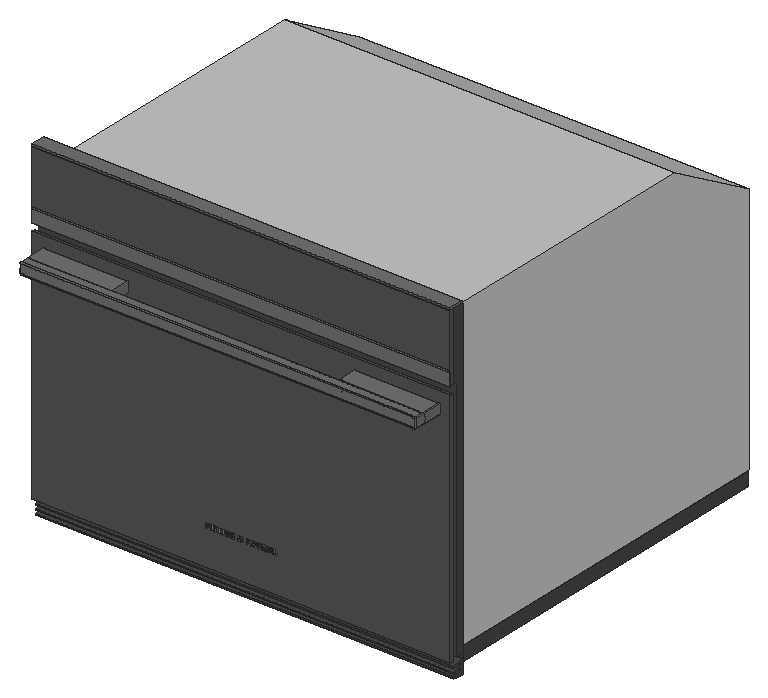
Revit family "FP_Revit_18_OS60NDBB1_w_TK480NDB1_Steam_Oven_w_60cm_Trimkit_90000818A", category Specialty Equipment, Revit 2018
Family settings
  Round Connector Dimension = Use Diameter
  Part Type = Normal
  OmniClass Number = 23.40.40.14.17.31
  OmniClass Title = Small Specialized Cooking Equipment
  Work Plane-Based = No
  Always vertical = Yes
  Cut with Voids When Loaded = Yes
  Shared = No
  Room Calculation Point = No
Parameters (values of type "OS60NDBB1 + TK480NDB1")
  Visibility - Clearance Required = yes
  URL = "www.fisherpaykel.com"
  Product - Width = 596 mm  # constant formula
  Product - Height = 478 mm  # constant formula
  Product - Depth = 614 mm  # constant formula
  Model = "OS60NDBB1 + TK480NDB1"
  Material - Trim = Fisher & Paykel - Aluminium, Dark
  Material - Structure = Fisher & Paykel - Black
  Material - Handle = Fisher & Paykel - Aluminium, Dark
  Material - Glass = Fisher & Paykel - Glass, Black
  Material - Body = Fisher & Paykel - Grey
  Manufacturer = "Fisher & Paykel Appliances"
  FFL Offset [instance] = 900 mm
  Description = "60cm Steam Oven + 60cm Trimkit"
  Connector Description - Electrical = "220-240 V, 50 Hz, 14.5 A"
  Chassis - Width = 560 mm  # constant formula
  Chassis - Height = 466 mm  # constant formula
  Chassis - Depth = 542 mm  # constant formula
  Cavity - Width = 560 mm  # constant formula
  Cavity - Height = 480 mm  # constant formula
  Cavity - Depth = 560 mm  # constant formula
Reference planes
  plane 1 "Datum": y = 0
  plane 2: z = 0
  plane 3 "Center (Left/Right)": x = 0
  plane 4: z = 1380
  plane 5: z = 1378
  plane 6 "Product LHS": x = -298
  plane 7 "Product RHS": x = 298
  plane 8 "Product - Depth": y = 0
  plane 9 "Cavity LHS": x = -300
  plane 10 "Cavity RHS": x = 300
  plane 11 "Cavity - Depth": y = 560
  plane 12 "Chassis - Height": z = 0
  plane 13 "Product Depth": y = 542
  plane 14 "FFL Offset": z = 900
  plane 15 "Front": y = -22
Forms (mm)
  Extrusion 1, void
    sketch origin (0, 0, 0) x (0, 1, 0) y (0, 0, 1)
      loop
        line (-22, 1380) -> (-22, 900) -> (0, 900) -> (0, 1380) -> (-22, 1380)
    from -300 to 300
  Extrusion 2, void
    sketch origin (0, 0, 0) x (0, 1, 0) y (0, 0, 1)
      loop
        line (560, 1380) -> (0, 1380) -> (0, 900) -> (560, 900) -> (560, 1380)
    from -280 to 280
Text (mm)
  text "Due to ongoing product development, product details are subject to change without notice. \nPlease always refer to www.fisherpaykel.com for the most current product information. \n© Fisher & Paykel 2020" at (41.04, -413.295, 0), in view "Ref. Level (Plan)"
Dimensions and locks
  equal spacing: plane 6 "Product LHS", plane 3 "Center (Left/Right)", plane 7 "Product RHS"
  "Product - Width": plane 6 "Product LHS" to plane 7 "Product RHS"
  equal spacing: plane 9 "Cavity LHS", plane 3 "Center (Left/Right)", plane 10 "Cavity RHS"
  locked: plane 9 "Cavity LHS" to plane 10 "Cavity RHS" at 600
  "Chassis - Depth": plane 1 "Datum" to plane 13 "Product Depth"
  "FFL Offset": plane 14 "FFL Offset" to level
  "Cavity - Depth": plane 1 "Datum" to plane 11 "Cavity - Depth"
  "Product - Height": plane 5 to plane 14 "FFL Offset"
  "Cavity - Height": plane 4 to plane 14 "FFL Offset"
  "Cavity - Width": Extrusion 2 to Extrusion 2
  aligned and locked: level to plane 2
  aligned and locked: nested 2 to plane 8 "Product - Depth"
  aligned and locked: Extrusion 1 sketch curve to plane 8 "Product - Depth"
  aligned and locked: plane 14 "FFL Offset" to Extrusion 1 sketch curve
  aligned and locked: Extrusion 1 sketch curve to plane 4
  aligned and locked: Extrusion 1 to plane 10 "Cavity RHS"
  aligned and locked: plane 9 "Cavity LHS" to Extrusion 1
  aligned and locked: Extrusion 2 sketch curve to plane 8 "Product - Depth"
  aligned and locked: Extrusion 2 sketch curve to plane 14 "FFL Offset"
  aligned and locked: plane 11 "Cavity - Depth" to Extrusion 2 sketch curve
  aligned and locked: Extrusion 2 sketch curve to nested 2
  aligned and locked: nested 1 to plane 8 "Product - Depth"
  aligned and locked: Extrusion 1 to nested 1
Automatic sketch dimensions
  Extrusion 1 sketch curve to Extrusion 1 sketch curve = 22 mm
Nested families
  nested 1: "FP_Revit_18_OS60NDBB1_Steam_Oven_90000818A" at (0, 0, 20), FFL Offset <- "FFL Offset", type "OS60NDBB1"
    with FFL Offset 900 mm
  nested 2: "FP_Revit_18_TK480ND_Trimkits_90001188A" at (0, 0, 0), FFL Offset <- "FFL Offset", type "TK480NDB1"
    with FFL Offset 900 mm
Connectors
  electrical at (-193.854, 548.619, 959.454), driven by "Connector Description - Electrical"
    settings: on nested 1, index 1, voltage 230 V, apparent load 0 VA, apparent load phase1 0 VA, apparent load phase2 0 VA, apparent load phase3 0 VA, power factor 1, load classification "Other", number of poles 1, system type 30, power factor state 1, is connector primary yes, connector utility no, sub classification motor no, connector description "220-240 V, 50 Hz, 14.5 A"
Definition of nested family "FP_Revit_18_OS60NDBB1_Steam_Oven_90000818A"
  Parameters (values of type "OS60NDBB1")
    Visibility - Clearance Required = yes
    URL = "www.fisherpaykel.com"
    Product - Width = 596 mm  # constant formula
    Product - Height = 458 mm  # constant formula
    Product - Depth = 562 mm  # constant formula
    Model = "OS60NDBB1"
    Material - Trim = none
    Material - Structure = none
    Material - Handle = none
    Material - Glass = none
    Material - Body = none
    Manufacturer = "Fisher & Paykel Appliances"
    FFL Offset [instance] = 900 mm
    Description = "60cm Steam Oven"
    Connector Description - Electrical = "220-240 V, 50 Hz, 14.5 A"
    Chassis - Width = 556 mm  # constant formula
    Chassis - Height = 446 mm  # constant formula
    Chassis - Depth = 540 mm  # constant formula
    Cavity - Width = 600 mm  # constant formula
    Cavity - Height = 460 mm  # constant formula
    Cavity - Depth = 560 mm  # constant formula
  Types (4, lengths in mm): name | Model | Description
    OS60NDB1 | "OS60NDB1" | "60cm Steam Oven"
    OM60NDB1 | "OM60NDB1" | "60cm Microwave Oven"
    OM60NDBB1 | "OM60NDBB1" | "60cm Microwave Oven"
    OS60NDBB1 | "OS60NDBB1" | "60cm Steam Oven"
  Reference planes
    plane 1 "Center (Front/Back)": y = 0
    plane 2: z = 0
    plane 3 "Center (Left/Right)": x = 0
    plane 4: z = 1360
    plane 5: z = 1358
    plane 6 "Product LHS": x = -298
    plane 7 "Product RHS": x = 298
    plane 8 "Product - Depth": y = 0
    plane 9 "Cavity LHS": x = -300
    plane 10 "Cavity RHS": x = 300
    plane 11 "Cavity - Depth": y = 560
    plane 12 "Front Face": y = -22
    plane 13 "Chassis - Height": z = 0
    plane 14 "Product Depth": y = 540
    plane 15 "FFL Offset": z = 900
  Forms (mm)
    Extrusion 1, solid, material <- "Material - Body"
      sketch origin (0, 0, 0) x (0, 1, 0) y (0, 0, 1)
        loop
          line (0, 1346) -> (0, 907.28) -> (5.16, 907.28) -> (5.16, 900) -> (534.187, 900) -> (534.187, 1257.991) -> (403.295, 1336.64) -> (24.316, 1336.64) -> (8.71, 1346) -> (0, 1346)
      from -278 to 278
    Extrusion 2, solid, material <- "Material - Structure", detail levels fine
      sketch origin (0, 0, 0) x (0, 1, 0) y (0, 0, 1)
        loop
          line (0, 1353.9) -> (-2, 1353.9) -> (-2, 1355) -> (-18, 1355) -> (-18, 1258) -> (-9.89, 1258) -> (-9.89, 907.28) -> (0, 907.28) -> (0, 1353.9)
      from -298 to 298
    Extrusion 3, solid, material <- "Material - Trim", detail levels fine
      sketch origin (0, 0, 0) x (0, 1, 0) y (0, 0, 1)
        loop
          line (-22, 1358) -> (-22, 1355) -> (-2, 1355) -> (-2, 1358) -> (-22, 1358)
      from -298 to 298
    Extrusion 4, solid, material <- "Material - Glass", detail levels fine
      sketch origin (0, 0, 0) x (0, 1, 0) y (0, 0, 1)
        loop
          line (-18, 1355) -> (-20.262, 1355)
          arc (-20.262, 1355) -> (-21.236, 1354.682) -> (-22, 1354) r 2.5
          line (-22, 1354) -> (-22, 1258) -> (-18, 1258) -> (-18, 1355)
      from -298 to 298
    Extrusion 5, solid, material <- "Material - Glass", detail levels fine
      sketch origin (0, 0, 0) x (0, 1, 0) y (0, 0, 1)
        loop
          line (-22, 1246.53) -> (-22, 904.53) -> (-18, 904.53) -> (-18, 1246.53) -> (-22, 1246.53)
      from -298 to 298
    Extrusion 6, solid, material <- "Material - Structure", detail levels fine
      sketch origin (0, 0, 0) x (0, 1, 0) y (0, 0, 1)
        loop
          line (-18, 1229.33) -> (-18, 907.28) -> (-9.89, 907.28) -> (-9.89, 1229.33) -> (-18, 1229.33)
      from -278 to 278
    Extrusion 7, void
      sketch origin (0, 0, 0) x (1, 0, 0) y (0, 0, 1)
        loop
          line (-158.462, 1052.91) -> (-229.24, 1052.91)
          arc (-229.24, 1052.91) -> (-232.776, 1051.446) -> (-234.24, 1047.91) r 5
          line (-234.24, 1047.91) -> (-234.24, 955.13)
          arc (-234.24, 955.13) -> (-232.776, 951.594) -> (-229.24, 950.13) r 5
          line (-229.24, 950.13) -> (-158.462, 950.13)
          arc (-158.462, 950.13) -> (-154.926, 951.594) -> (-153.462, 955.13) r 5
          line (-153.462, 955.13) -> (-153.462, 1047.91)
          arc (-153.462, 1047.91) -> (-154.926, 1051.446) -> (-158.462, 1052.91) r 5
      from -539.6 to -521.6
    Sweep 8, void
      path in 3D
        loop
          arc (-153.462, 521.6, 955.13) -> (-154.926, 521.6, 951.594) -> (-158.462, 521.6, 950.13) r 5
          line (-158.462, 521.6, 950.13) -> (-229.24, 521.6, 950.13)
          arc (-229.24, 521.6, 950.13) -> (-232.776, 521.6, 951.594) -> (-234.24, 521.6, 955.13) r 5
          line (-234.24, 521.6, 955.13) -> (-234.24, 521.6, 1047.91)
          arc (-234.24, 521.6, 1047.91) -> (-232.776, 521.6, 1051.446) -> (-229.24, 521.6, 1052.91) r 5
          line (-229.24, 521.6, 1052.91) -> (-158.462, 521.6, 1052.91)
          arc (-158.462, 521.6, 1052.91) -> (-154.926, 521.6, 1051.446) -> (-153.462, 521.6, 1047.91) r 5
          line (-153.462, 521.6, 1047.91) -> (-153.462, 521.6, 955.13)
      profile origin (-153.462, 521.6, 1001.52) x (-1, 0, 0) y (0, -1, 0)
        loop
          line (0, 0) -> (-21.3, -12.587) -> (0, -12.587) -> (0, 0)
    Extrusion 9, solid, material <- "Material - Body", detail levels medium+fine
      sketch origin (0, 0, -100) x (1, 0, 0) y (0, 0, 1)
        loop
          line (-175.354, 1115.273) -> (-212.354, 1115.273) -> (-212.354, 1057.273) -> (-175.354, 1057.273) -> (-175.354, 1115.273)
      from -540 to -521.6
    Extrusion 10, solid, material <- "Material - Trim", detail levels fine
      sketch origin (0, 0, 0) x (0, 1, 0) y (0, 0, 1)
        loop
          line (-22, 1258) -> (-22, 1277.8) -> (-22.8, 1277.8) -> (-23.7, 1275.5) -> (-23.7, 1258) -> (-22, 1258)
      from -298 to 298
    Extrusion 11, solid, visible <- "Visibility - Clearance Required", detail levels coarse
      sketch origin (0, 0, 0) x (1, 0, 0) y (0, 1, 0)
        loop
          line (-280, 0) -> (280, 0) -> (280, 548.619) -> (-280, 548.619) -> (-280, 0)
      from 900 to 1360
    Extrusion 12, solid, visible <- "Visibility - Clearance Required", detail levels coarse
      sketch origin (0, 0, 0) x (0, 1, 0) y (0, 0, 1)
        loop
          arc (-22, 1246.53) -> (-241.159, 1161.206) -> (-341.563, 948.532) r 317.644
          line (-341.563, 948.532) -> (-326.406, 946.445) -> (-332.106, 905.048) -> (-316.871, 902.951) -> (-311.171, 944.347) -> (-22, 904.53) -> (-22, 900) -> (0, 900) -> (0, 1360) -> (-22, 1360) -> (-22, 1246.53)
      from -300 to 300
    Sweep 13, solid, material <- "Material - Body", detail levels fine
      path origin (0, 0, -100) x (0, 1, 0) y (0, 0, 1)
        loop
          arc (530.8, 1057.273) -> (536.019, 1044.673) -> (548.619, 1039.454) r 17.819
      profile origin (0, 536.019, 944.673) x (0, 0.707107, 0.707107) y (1, 0, 0)
        loop
          circle (0, -193.854) r 5
    Extrusion 14, solid, material <- "Material - Glass", detail levels coarse+medium
      sketch origin (0, 0, 0) x (0, 1, 0) y (0, 0, 1)
        loop
          line (-22, 1358) -> (-22, 1258) -> (-9.89, 1258) -> (-9.89, 1229.33) -> (-18, 1229.33) -> (-18, 1246.53) -> (-22, 1246.53) -> (-22, 904.53) -> (-18, 904.53) -> (-18, 907.28) -> (0, 907.28) -> (0, 1353.9) -> (-2, 1353.9) -> (-2, 1358) -> (-22, 1358)
      from -298 to 298
    Extrusion 15, solid, material <- "Material - Body", not visible, detail levels medium+fine
      sketch origin (0, 0, 0) x (1, 0, 0) y (0, 0, 1)
        loop
          line (-175.354, 1115.273) -> (-212.354, 1115.273) -> (-212.354, 1057.273) -> (-175.354, 1057.273) -> (-175.354, 1115.273)
      from -540 to -521.6
    Sweep 16, solid, material <- "Material - Body", not visible, detail levels fine
      path origin (0, 0, 0) x (0, 1, 0) y (0, 0, 1)
        loop
          arc (530.8, 1057.273) -> (536.019, 1044.673) -> (548.619, 1039.454) r 17.819
      profile origin (0, 536.019, 1044.673) x (0, 0.707107, 0.707107) y (1, 0, 0)
        loop
          circle (0, -193.854) r 5
    Extrusion 17, void
      sketch origin (0, 0, 0) x (1, 0, 0) y (0, 1, 0)
        loop
          line (-280, 0) -> (280, 0) -> (280, 548.619) -> (-280, 548.619) -> (-280, 0)
      from 900 to 1360
    Extrusion 18, solid, visible <- "Visibility - Clearance Required", detail levels coarse
      sketch origin (0, 0, 0) x (0, 1, 0) y (0, 0, 1)
        loop
          arc (-22, 1246.53) -> (-241.159, 1161.206) -> (-341.563, 948.532) r 317.644
          line (-341.563, 948.532) -> (-326.406, 946.445) -> (-332.106, 905.048) -> (-316.871, 902.951) -> (-311.171, 944.347) -> (-22, 904.53) -> (-22, 900) -> (0, 900) -> (0, 1360) -> (-22, 1360) -> (-22, 1246.53)
      from -300 to 300
    Extrusion 19, void
      sketch origin (0, 0, 0) x (0, 1, 0) y (0, 0, 1)
        loop
          line (-22, 1360) -> (-22, 900) -> (0, 900) -> (0, 1360) -> (-22, 1360)
      from -300 to 300
  Cuts and joins
    Extrusion 7, Sweep 8 cuts Extrusion 1
    Extrusion 7 cuts Extrusion 2
    Extrusion 7 cuts Extrusion 5
    Extrusion 7 cuts Extrusion 6
  Lines and regions (mm)
    sketch lines
      curve 1: line (-153.462, 521.6, 1047.91) -> (-153.462, 521.6, 955.13)
      curve 2: arc (-153.462, 521.6, 1047.91) -> (-154.926, 521.6, 1051.446) -> (-158.462, 521.6, 1052.91) r 5
      curve 3: line (-229.24, 521.6, 1052.91) -> (-158.462, 521.6, 1052.91)
      curve 4: arc (-229.24, 521.6, 1052.91) -> (-232.776, 521.6, 1051.446) -> (-234.24, 521.6, 1047.91) r 5
      curve 5: line (-234.24, 521.6, 955.13) -> (-234.24, 521.6, 1047.91)
      curve 6: arc (-234.24, 521.6, 955.13) -> (-232.776, 521.6, 951.594) -> (-229.24, 521.6, 950.13) r 5
      curve 7: arc (-158.462, 521.6, 950.13) -> (-154.926, 521.6, 951.594) -> (-153.462, 521.6, 955.13) r 5
      curve 8: line (-158.462, 521.6, 950.13) -> (-229.24, 521.6, 950.13)
  Text (mm)
    text "Due to ongoing product development, product details are subject to change without notice. \nPlease always refer to www.fisherpaykel.com for the most current product information. \n© Fisher & Paykel 2020" at (41.04, -413.295, 0), in view "Ref. Level (Plan)"
  Dimensions and locks
    equal spacing: plane 6 "Product LHS", plane 3 "Center (Left/Right)", plane 7 "Product RHS"
    "Product - Width": plane 6 "Product LHS" to plane 7 "Product RHS"
    equal spacing: plane 9 "Cavity LHS", plane 3 "Center (Left/Right)", plane 10 "Cavity RHS"
    "Cavity - Width": plane 9 "Cavity LHS" to plane 10 "Cavity RHS"
    "Cavity - Depth": plane 11 "Cavity - Depth" to plane 1 "Center (Front/Back)"
    locked: plane 12 "Front Face" to plane 1 "Center (Front/Back)" at 22
    "Chassis - Depth": plane 1 "Center (Front/Back)" to plane 14 "Product Depth"
    Extrusion 1 sketch curve to plane 14 "Product Depth" = 5.813 mm
    equal spacing: cut or joined group of Extrusion 1, Extrusion 7, Sweep 8, plane 3 "Center (Left/Right)", cut or joined group of Extrusion 1, Extrusion 7, Sweep 8
    "Chassis - Width": cut or joined group of Extrusion 1, Extrusion 7, Sweep 8 to cut or joined group of Extrusion 1, Extrusion 7, Sweep 8
    "FFL Offset": plane 15 "FFL Offset" to level
    locked: nested 2 to plane 15 "FFL Offset" at 61.04
    locked: cut or joined group of Extrusion 1, Extrusion 7, Sweep 8 to plane 15 "FFL Offset" at 7.28
    locked: Extrusion 14 to plane 15 "FFL Offset" at 4.53
    locked: cut or joined group of Extrusion 1, Extrusion 7, Sweep 8 to plane 15 "FFL Offset" at 436.64
    "Chassis - Height": cut or joined group of Extrusion 1, Extrusion 7, Sweep 8 to plane 15 "FFL Offset"
    Extrusion 11 to plane 15 "FFL Offset" = 460 mm
    locked: plane 15 "FFL Offset" to Extrusion 9 at 57.273
    locked: plane 15 "FFL Offset" to cut or joined group of Extrusion 1, Extrusion 7, Sweep 8 at 50.13
    "Product - Height": plane 5 to plane 15 "FFL Offset"
    "Cavity - Height": plane 4 to plane 15 "FFL Offset"
    locked: nested 1 to plane 15 "FFL Offset" at 330.978
    locked: plane 5 to Extrusion 14 at 100
    locked: plane 5 to Extrusion 14 at 111.47
    locked: Extrusion 12 sketch curve to plane 15 "FFL Offset" at 4.53
    locked: plane 15 "FFL Offset" to Extrusion 7 sketch curve at 152.91
    locked: plane 15 "FFL Offset" to Extrusion 7 sketch curve at 50.13
    aligned and locked: level to plane 2
    aligned and locked: Extrusion 3 sketch curve to plane 5
    aligned and locked: plane 6 "Product LHS" to Extrusion 5
    aligned and locked: Extrusion 5 to plane 7 "Product RHS"
    aligned and locked: Extrusion 4 to plane 7 "Product RHS"
    aligned and locked: plane 6 "Product LHS" to Extrusion 4
    aligned and locked: plane 6 "Product LHS" to Extrusion 3
    aligned and locked: Extrusion 3 to plane 7 "Product RHS"
    aligned and locked: plane 6 "Product LHS" to Extrusion 2
    aligned and locked: Extrusion 2 to plane 7 "Product RHS"
    aligned and locked: plane 14 "Product Depth" to Extrusion 9
    aligned and locked: cut or joined group of Extrusion 1, Extrusion 7, Sweep 8 to Extrusion 9
    aligned and locked: Extrusion 10 to plane 7 "Product RHS"
    aligned and locked: plane 6 "Product LHS" to Extrusion 10
    aligned and locked: Extrusion 14 to plane 7 "Product RHS"
    aligned and locked: plane 6 "Product LHS" to Extrusion 14
    aligned and locked: Extrusion 1 to plane 15 "FFL Offset"
    aligned and locked: Extrusion 11 to cut or joined group of Extrusion 1, Extrusion 7, Sweep 8
    aligned and locked: Extrusion 14 to cut or joined group of Extrusion 1, Extrusion 7, Sweep 8
    aligned and locked: Extrusion 2 to cut or joined group of Extrusion 1, Extrusion 7, Sweep 8
    aligned and locked: Extrusion 6 to cut or joined group of Extrusion 1, Extrusion 7, Sweep 8
    aligned and locked: plane 5 to Extrusion 3
    aligned and locked: plane 5 to Extrusion 14
    aligned and locked: Extrusion 10 to Extrusion 4
    aligned and locked: Extrusion 14 to Extrusion 4
    aligned and locked: Extrusion 4 to cut or joined group of Extrusion 2, Extrusion 7
    aligned and locked: Extrusion 5 to Extrusion 14  (x2)
    aligned and locked: plane 4 to Extrusion 11
    aligned and locked: Extrusion 11 to Sweep 13
    aligned and locked: Extrusion 12 sketch curve to plane 15 "FFL Offset"
    aligned and locked: Extrusion 12 sketch curve to plane 4
    aligned and locked: plane 4 to Extrusion 17
    aligned and locked: Extrusion 17 to cut or joined group of Extrusion 1, Extrusion 7, Sweep 8
    aligned and locked: plane 15 "FFL Offset" to Extrusion 19 sketch curve
    aligned and locked: Extrusion 19 sketch curve to plane 4
  Automatic sketch dimensions
    Extrusion 9 sketch curve to Extrusion 9 sketch curve = 37 mm
    Extrusion 9 sketch curve to Extrusion 9 sketch curve = 58 mm
    Sweep 13 sketch curve to profile plane = 0 mm
    Sweep 13 sketch curve to Sweep 13 sketch curve = 17.819 mm
    Sweep 13 sketch curve to profile plane = 193.854 mm
    Extrusion 15 sketch curve to Extrusion 15 sketch curve = 37 mm
    Extrusion 15 sketch curve to Extrusion 15 sketch curve = 58 mm
    Sweep 16 sketch curve to profile plane = 0 mm
    Sweep 16 sketch curve to Sweep 16 sketch curve = 17.819 mm
    Sweep 16 sketch curve to profile plane = 193.854 mm
    Extrusion 1 sketch curve to plane 1 "Center (Front/Back)" = 0 mm
    Extrusion 1 sketch curve to plane 15 "FFL Offset" = 0 mm
    Extrusion 1 sketch curve to plane 1 "Center (Front/Back)" = 5.16 mm
    Extrusion 1 sketch curve to Extrusion 1 sketch curve = 8.71 mm
    Extrusion 1 sketch curve to Extrusion 1 sketch curve = 15.606 mm
    Extrusion 1 sketch curve to plane 5 = 21.36 mm
    Extrusion 1 sketch curve to plane 14 "Product Depth" = 136.705 mm
    Extrusion 1 sketch curve to Extrusion 1 sketch curve = 7.28 mm
    Extrusion 1 sketch curve to plane 5 = 100.009 mm
    Extrusion 1 sketch curve to plane 5 = 12 mm
    Extrusion 2 sketch curve to plane 1 "Center (Front/Back)" = 0 mm
    plane 1 "Center (Front/Back)" to Extrusion 2 sketch curve = 2 mm
    plane 1 "Center (Front/Back)" to Extrusion 2 sketch curve = 9.89 mm
    plane 12 "Front Face" to Extrusion 2 sketch curve = 4 mm
    plane 15 "FFL Offset" to Extrusion 2 sketch curve = 7.28 mm
    Extrusion 2 sketch curve to plane 5 = 100 mm
    Extrusion 2 sketch curve to plane 5 = 4.1 mm
    Extrusion 2 sketch curve to Extrusion 2 sketch curve = 1.1 mm
    Extrusion 3 sketch curve to plane 12 "Front Face" = 0 mm
    plane 1 "Center (Front/Back)" to Extrusion 3 sketch curve = 2 mm
    Extrusion 3 sketch curve to plane 5 = 3 mm
    Extrusion 4 sketch curve to plane 12 "Front Face" = 0 mm
    plane 12 "Front Face" to Extrusion 4 sketch curve = 1.738 mm
    plane 12 "Front Face" to Extrusion 4 sketch curve = 2.011 mm
    plane 12 "Front Face" to Extrusion 4 sketch curve = 4 mm
    Extrusion 4 sketch curve to plane 5 = 100 mm
    Extrusion 4 sketch curve to plane 5 = 5.485 mm
    Extrusion 4 sketch curve to Extrusion 4 sketch curve = 1.485 mm
    Extrusion 5 sketch curve to plane 12 "Front Face" = 0 mm
    plane 12 "Front Face" to Extrusion 5 sketch curve = 4 mm
    plane 15 "FFL Offset" to Extrusion 5 sketch curve = 4.53 mm
    Extrusion 5 sketch curve to plane 5 = 111.47 mm
    plane 12 "Front Face" to Extrusion 6 sketch curve = 4 mm
    Extrusion 6 sketch curve to Extrusion 6 sketch curve = 8.11 mm
    plane 15 "FFL Offset" to Extrusion 6 sketch curve = 7.28 mm
    Extrusion 6 sketch curve to plane 5 = 128.67 mm
    Extrusion 7 sketch curve to plane 6 "Product LHS" = 63.76 mm
    Extrusion 7 sketch curve to Extrusion 7 sketch curve = 5 mm  (x3)
    Extrusion 7 sketch curve to Extrusion 7 sketch curve = 70.778 mm  (x2)
    Sweep 8 sketch curve to profile plane = 0 mm  (x2)
    Sweep 8 sketch curve to profile plane = 21.3 mm
    profile plane to Sweep 8 sketch curve = 12.587 mm
    Extrusion 10 sketch curve to plane 12 "Front Face" = 0 mm
    Extrusion 10 sketch curve to Extrusion 10 sketch curve = 0.8 mm
    Extrusion 10 sketch curve to plane 12 "Front Face" = 1.7 mm
    Extrusion 10 sketch curve to plane 5 = 100 mm
    Extrusion 10 sketch curve to Extrusion 10 sketch curve = 17.5 mm
    Extrusion 10 sketch curve to Extrusion 10 sketch curve = 2.3 mm
    plane 1 "Center (Front/Back)" to Extrusion 11 sketch curve = 0 mm
    plane 14 "Product Depth" to Extrusion 11 sketch curve = 8.619 mm
    Extrusion 11 sketch curve to plane 6 "Product LHS" = 18 mm
    plane 7 "Product RHS" to Extrusion 11 sketch curve = 18 mm
    Extrusion 12 sketch curve to plane 12 "Front Face" = 0 mm  (x2)
    Extrusion 12 sketch curve to plane 1 "Center (Front/Back)" = 0 mm
    Extrusion 12 sketch curve to plane 12 "Front Face" = 2.526 mm
    plane 15 "FFL Offset" to Extrusion 12 sketch curve = 44.347 mm
    Extrusion 12 sketch curve to Extrusion 12 sketch curve = 286.644 mm
    plane 15 "FFL Offset" to Extrusion 12 sketch curve = 2.951 mm
    plane 15 "FFL Offset" to Extrusion 12 sketch curve = 46.445 mm
    Extrusion 12 sketch curve to Extrusion 12 sketch curve = 15.235 mm
    plane 15 "FFL Offset" to Extrusion 12 sketch curve = 48.532 mm
    Extrusion 12 sketch curve to Extrusion 12 sketch curve = 24.366 mm
    Extrusion 14 sketch curve to plane 5 = 0 mm
    Extrusion 14 sketch curve to plane 12 "Front Face" = 0 mm  (x2)
    Extrusion 14 sketch curve to plane 1 "Center (Front/Back)" = 0 mm
    plane 12 "Front Face" to Extrusion 14 sketch curve = 4 mm  (x2)
    plane 1 "Center (Front/Back)" to Extrusion 14 sketch curve = 9.89 mm
    plane 1 "Center (Front/Back)" to Extrusion 14 sketch curve = 2 mm
    Extrusion 14 sketch curve to plane 5 = 4.1 mm
    Extrusion 14 sketch curve to Extrusion 14 sketch curve = 95.9 mm
    Extrusion 14 sketch curve to Extrusion 14 sketch curve = 11.47 mm
    Extrusion 14 sketch curve to Extrusion 14 sketch curve = 17.2 mm
    plane 15 "FFL Offset" to Extrusion 14 sketch curve = 7.28 mm
    Extrusion 14 sketch curve to Extrusion 14 sketch curve = 2.75 mm
    plane 1 "Center (Front/Back)" to Extrusion 17 sketch curve = 0 mm
    plane 14 "Product Depth" to Extrusion 17 sketch curve = 8.619 mm
    Extrusion 17 sketch curve to plane 6 "Product LHS" = 18 mm
    plane 7 "Product RHS" to Extrusion 17 sketch curve = 18 mm
    Extrusion 18 sketch curve to plane 12 "Front Face" = 0 mm  (x2)
    Extrusion 18 sketch curve to plane 1 "Center (Front/Back)" = 0 mm
    Extrusion 18 sketch curve to plane 15 "FFL Offset" = 0 mm
    Extrusion 18 sketch curve to plane 4 = 0 mm
    Extrusion 18 sketch curve to plane 12 "Front Face" = 2.526 mm
    plane 15 "FFL Offset" to Extrusion 18 sketch curve = 44.347 mm
    Extrusion 18 sketch curve to Extrusion 18 sketch curve = 286.644 mm
    plane 15 "FFL Offset" to Extrusion 18 sketch curve = 2.951 mm
    Extrusion 18 sketch curve to Extrusion 18 sketch curve = 5.7 mm
    plane 15 "FFL Offset" to Extrusion 18 sketch curve = 46.445 mm
    Extrusion 18 sketch curve to Extrusion 18 sketch curve = 15.235 mm
    plane 15 "FFL Offset" to Extrusion 18 sketch curve = 48.532 mm
    Extrusion 18 sketch curve to Extrusion 18 sketch curve = 24.366 mm
    Extrusion 19 sketch curve to plane 12 "Front Face" = 0 mm
    Extrusion 19 sketch curve to plane 1 "Center (Front/Back)" = 0 mm
    radius of Sweep 13 sketch curve = 5 mm
    radius of Sweep 16 sketch curve = 5 mm
  Nested families
    nested 1: "F&P Handle Contemporary Square OB60-24" at (0, -22, 1223), type "Aluminium"
    nested 2: "F&P Logo 100mm" at (0, -22, 955), type "F&P Logo 100mm"
  Connectors
    electrical at (-193.854, 548.619, 939.454), driven by "Connector Description - Electrical"
      settings: on Sweep 13, index 1, voltage 120 V, apparent load 0 VA, apparent load phase1 0 VA, apparent load phase2 0 VA, apparent load phase3 0 VA, power factor 1, load classification none, number of poles 1, system type 30, power factor state 1, is connector primary yes, connector utility no, sub classification motor no, connector description "220-240 V, 50 Hz, 14.5 A"
  Definition of nested family "F&P Handle Contemporary Square OB60-24"
    Parameters (values of type "Aluminium Dark")
      URL = "www.fisherpaykel.com"
      Material - Handle = none
      Manufacturer = "Fisher & Paykel Appliances"
      Handle - Length = 565 mm
    Types (2): name
      Aluminium
      Aluminium Dark
    Reference planes
      plane 1 "Center (Front/Back)": y = 0
      plane 2: z = 0
      plane 3 "Center (Left/Right)": x = 0
      plane 4 "Product LHS": x = -282.5
      plane 5 "Product RHS": x = 282.5
      plane 6 "LHS Standoff": x = -162.495
      plane 7 "RHS Standoff": x = 162.505
    Forms (mm)
      Extrusion 1, solid, material <- "Material - Handle", detail levels fine
        sketch origin (0, 0, 0) x (0, 1, 0) y (0, 0, 1)
          loop
            arc (-28.701, 7.561) -> (-29.057, 7.868) -> (-29.514, 7.978) r 1
            line (-29.514, 7.978) -> (-40.5, 7.978)
            arc (-40.5, 7.978) -> (-41.561, 7.539) -> (-42, 6.478) r 1.5
            line (-42, 6.478) -> (-42, -6.522)
            arc (-42, -6.522) -> (-41.561, -7.583) -> (-40.5, -8.022) r 1.5
            line (-40.5, -8.022) -> (-29.487, -8.022)
            arc (-29.487, -8.022) -> (-29.029, -7.911) -> (-28.673, -7.602) r 1
            arc (-28.673, -7.602) -> (-26.256, -0.016) -> (-28.701, 7.561) r 13.038
        from -282.5 to 282.5
      Extrusion 2, solid, material <- "Material - Handle", detail levels fine
        sketch origin (0, 0, 0) x (0, 1, 0) y (0, 0, 1)
          loop
            arc (-28.23, 7.062) -> (-26.156, 0.008) -> (-28.198, -7.056) r 13.136
            arc (-28.198, -7.056) -> (-28.21, -7.463) -> (-27.86, -7.67) r 0.4
            line (-27.86, -7.67) -> (0, -7.67) -> (0, 7.678) -> (-27.893, 7.678)
            arc (-27.893, 7.678) -> (-28.244, 7.47) -> (-28.23, 7.062) r 0.4
        from 162.505 to 282.5
      Extrusion 3, solid, material <- "Material - Handle", detail levels fine
        sketch origin (0, 0, 0) x (0, 1, 0) y (0, 0, -1)
          loop
            arc (-28.23, -7.062) -> (-28.244, -7.47) -> (-27.893, -7.678) r 0.4
            line (-27.893, -7.678) -> (0, -7.678) -> (0, 7.67) -> (-27.86, 7.67)
            arc (-27.86, 7.67) -> (-28.21, 7.463) -> (-28.198, 7.056) r 0.4
            arc (-28.198, 7.056) -> (-26.156, -0.008) -> (-28.23, -7.062) r 13.136
        from 162.495 to 282.5
      Sweep 4, void
        path in 3D
          loop
            line (282.5, -29.514, 7.978) -> (282.5, -40.5, 7.978)
            arc (282.5, -40.5, 7.978) -> (282.5, -41.561, 7.539) -> (282.5, -42, 6.478) r 1.5
            line (282.5, -42, 6.478) -> (282.5, -42, -6.522)
            arc (282.5, -42, -6.522) -> (282.5, -41.561, -7.583) -> (282.5, -40.5, -8.022) r 1.5
            line (282.5, -40.5, -8.022) -> (282.5, -29.487, -8.022)
        profile origin (282.5, -35.007, 7.978) x (1, 0, 0) y (0, 0, 1)
          loop
            line (0, 0) -> (-1.3, 0) -> (0, -1.3) -> (0, 0)
      Sweep 5, void
        path in 3D
          loop
            line (-282.5, -29.487, -8.022) -> (-282.5, -40.5, -8.022)
            arc (-282.5, -40.5, -8.022) -> (-282.5, -41.561, -7.583) -> (-282.5, -42, -6.522) r 1.5
            line (-282.5, -42, -6.522) -> (-282.5, -42, 6.478)
            arc (-282.5, -42, 6.478) -> (-282.5, -41.561, 7.539) -> (-282.5, -40.5, 7.978) r 1.5
            line (-282.5, -40.5, 7.978) -> (-282.5, -29.514, 7.978)
        profile origin (-282.5, -35.007, 7.978) x (-1, 0, 0) y (0, 0, 1)
          loop
            line (0, 0) -> (-1.3, 0) -> (0, -1.3) -> (0, 0)
      Extrusion 6, void
        sketch origin (0, 0, 0) x (1, 0, 0) y (0, 0, 1)
          loop
            line (282.5, 7.978) -> (281.2, 7.978) -> (282.5, 6.678) -> (282.5, 7.978)
          loop
            line (282.5, -8.022) -> (282.5, -6.722) -> (281.2, -8.022) -> (282.5, -8.022)
        from 0 to 40
      Extrusion 7, void
        sketch origin (0, 0, 0) x (1, 0, 0) y (0, 0, 1)
          loop
            line (-282.5, 7.978) -> (-282.5, 6.678) -> (-281.2, 7.978) -> (-282.5, 7.978)
          loop
            line (-282.5, -8.022) -> (-281.2, -8.022) -> (-282.5, -6.722) -> (-282.5, -8.022)
        from 0 to 40
      Extrusion 8, solid, material <- "Material - Handle", detail levels coarse+medium
        sketch origin (0, 0, 0) x (1, 0, 0) y (0, 1, 0)
          loop
            line (-282.5, -42) -> (282.5, -42) -> (282.5, 0) -> (162.505, 0) -> (162.505, -26.156) -> (-162.495, -26.156) -> (-162.495, 0) -> (-282.5, 0) -> (-282.5, -42)
        from -8.022 to 7.978
    Cuts and joins
      Sweep 4, Sweep 5, Extrusion 6, Extrusion 7 cuts Extrusion 1
      Extrusion 6 cuts Extrusion 2
      Extrusion 7 cuts Extrusion 3
    Lines and regions (mm)
      sketch lines
        curve 1: line (282.5, -29.514, 7.978) -> (282.5, -40.5, 7.978)
        curve 2: arc (282.5, -42, 6.478) -> (282.5, -41.561, 7.539) -> (282.5, -40.5, 7.978) r 1.5
        curve 3: line (282.5, -42, 6.478) -> (282.5, -42, -6.522)
        curve 4: arc (282.5, -40.5, -8.022) -> (282.5, -41.561, -7.583) -> (282.5, -42, -6.522) r 1.5
        curve 5: line (282.5, -40.5, -8.022) -> (282.5, -29.487, -8.022)
        curve 6: line (-282.5, -40.5, 7.978) -> (-282.5, -29.514, 7.978)
        curve 7: arc (-282.5, -40.5, 7.978) -> (-282.5, -41.561, 7.539) -> (-282.5, -42, 6.478) r 1.5
        curve 8: line (-282.5, -42, -6.522) -> (-282.5, -42, 6.478)
        curve 9: arc (-282.5, -42, -6.522) -> (-282.5, -41.561, -7.583) -> (-282.5, -40.5, -8.022) r 1.5
        curve 10: line (-282.5, -29.487, -8.022) -> (-282.5, -40.5, -8.022)
    Dimensions and locks
      equal spacing: plane 4 "Product LHS", plane 3 "Center (Left/Right)", plane 5 "Product RHS"
      "Handle - Length": plane 4 "Product LHS" to plane 5 "Product RHS"
      locked: plane 4 "Product LHS" to plane 6 "LHS Standoff" at 120.005
      locked: plane 7 "RHS Standoff" to plane 5 "Product RHS" at 119.995
      aligned and locked: level to plane 2
      aligned and locked: Extrusion 1 to plane 5 "Product RHS"
      aligned and locked: plane 4 "Product LHS" to Extrusion 1
      aligned and locked: Extrusion 2 to plane 5 "Product RHS"
      aligned and locked: plane 4 "Product LHS" to Extrusion 3
      aligned and locked: plane 4 "Product LHS" to Extrusion 8 sketch curve
      aligned and locked: Extrusion 8 sketch curve to plane 5 "Product RHS"
      aligned and locked: Extrusion 8 sketch curve to plane 7 "RHS Standoff"
      aligned and locked: plane 6 "LHS Standoff" to Extrusion 8 sketch curve
      aligned and locked: Extrusion 2 to plane 7 "RHS Standoff"
      aligned and locked: plane 6 "LHS Standoff" to Extrusion 3
    Automatic sketch dimensions
      Extrusion 1 sketch curve to level = 6.522 mm
      plane 1 "Center (Front/Back)" to Extrusion 1 sketch curve = 42 mm
      Extrusion 1 sketch curve to Extrusion 1 sketch curve = 1.5 mm  (x2)
      Extrusion 1 sketch curve to level = 0.04 mm
      Extrusion 1 sketch curve to Extrusion 1 sketch curve = 1.206 mm
      level to Extrusion 1 sketch curve = 6.978 mm
      Extrusion 1 sketch curve to Extrusion 1 sketch curve = 10.986 mm
      Extrusion 1 sketch curve to Extrusion 1 sketch curve = 11.013 mm
      Extrusion 1 sketch curve to Extrusion 1 sketch curve = 1 mm
      level to Extrusion 1 sketch curve = 6.478 mm
      Extrusion 1 sketch curve to Extrusion 1 sketch curve = 0 mm
      Extrusion 2 sketch curve to plane 1 "Center (Front/Back)" = 0 mm
      Extrusion 2 sketch curve to level = 7.67 mm
      Extrusion 2 sketch curve to Extrusion 2 sketch curve = 27.86 mm
      level to Extrusion 2 sketch curve = 7.678 mm
      Extrusion 2 sketch curve to Extrusion 2 sketch curve = 0.033 mm
      Extrusion 2 sketch curve to level = 0.022 mm
      Extrusion 2 sketch curve to Extrusion 2 sketch curve = 11.398 mm
      Extrusion 2 sketch curve to Extrusion 2 sketch curve = 0.4 mm  (x2)
      Extrusion 2 sketch curve to Extrusion 2 sketch curve = 0 mm
      Extrusion 3 sketch curve to plane 1 "Center (Front/Back)" = 0 mm
      Extrusion 3 sketch curve to level = 7.67 mm
      Extrusion 3 sketch curve to Extrusion 3 sketch curve = 27.86 mm
      level to Extrusion 3 sketch curve = 7.678 mm
      Extrusion 3 sketch curve to Extrusion 3 sketch curve = 0.033 mm
      Extrusion 3 sketch curve to level = 0.022 mm
      Extrusion 3 sketch curve to Extrusion 3 sketch curve = 11.398 mm
      Extrusion 3 sketch curve to Extrusion 3 sketch curve = 0.4 mm  (x2)
      Extrusion 3 sketch curve to Extrusion 3 sketch curve = 0 mm
      profile plane to Sweep 4 sketch curve = 0 mm
      Sweep 4 sketch curve to profile plane = 0 mm
      Sweep 4 sketch curve to profile plane = 1.3 mm
      profile plane to Sweep 4 sketch curve = 1.3 mm
      Sweep 5 sketch curve to profile plane = 0 mm  (x2)
      profile plane to Sweep 5 sketch curve = 1.3 mm
      Sweep 5 sketch curve to profile plane = 1.3 mm
      plane 5 "Product RHS" to Extrusion 6 sketch curve = 0 mm  (x2)
      Extrusion 6 sketch curve to Extrusion 6 sketch curve = 1.3 mm  (x4)
      Extrusion 6 sketch curve to level = 6.722 mm
      level to Extrusion 6 sketch curve = 6.678 mm
      plane 4 "Product LHS" to Extrusion 7 sketch curve = 0 mm  (x2)
      Extrusion 7 sketch curve to plane 4 "Product LHS" = 1.3 mm  (x2)
      Extrusion 7 sketch curve to level = 8.022 mm
      level to Extrusion 7 sketch curve = 6.678 mm
      Extrusion 7 sketch curve to Extrusion 7 sketch curve = 1.3 mm  (x2)
      plane 1 "Center (Front/Back)" to Extrusion 8 sketch curve = 0 mm  (x2)
      Extrusion 8 sketch curve to Extrusion 8 sketch curve = 26.156 mm
      Extrusion 8 sketch curve to Extrusion 8 sketch curve = 42 mm
  Definition of nested family "F&P Logo 100mm"
    Parameters (values of type "F&P Logo 100mm")
      URL = "www.fisherpaykel.com"
      Material - Logo = none
      Manufacturer = "Fisher & Paykel Appliances"
    Reference planes
      plane 1 "Center (Front/Back)": y = 0
      plane 2: z = 0
      plane 3 "Center (Left/Right)": x = 0
    Forms (mm)
      Extrusion 1, solid, material <- "Material - Logo", detail levels fine
        sketch origin (0, 0, 0) x (1, 0, 0) y (0, 0, 1)
          loop
            line (-50.044, 0) -> (-48.47, 0) -> (-48.47, 2.138) -> (-46.011, 2.138) -> (-46.011, 3.472) -> (-48.47, 3.472) -> (-48.47, 4.712) -> (-45.795, 4.712) -> (-45.795, 6.04) -> (-50.044, 6.04) -> (-50.044, 0)
          loop
            line (-42.804, 6.04) -> (-42.804, 0) -> (-41.23, 0) -> (-41.23, 6.04) -> (-42.804, 6.04)
          loop
            line (-30.724, 6.04) -> (-30.724, 0) -> (-29.151, 0) -> (-29.151, 2.42) -> (-26.839, 2.42) -> (-26.839, 0) -> (-25.265, 0) -> (-25.265, 6.04) -> (-26.839, 6.04) -> (-26.839, 3.748) -> (-29.151, 3.748) -> (-29.151, 6.04) -> (-30.724, 6.04)
          loop
            line (-21.906, 6.04) -> (-21.906, 0) -> (-17.602, 0) -> (-17.602, 1.328) -> (-20.347, 1.328) -> (-20.347, 2.42) -> (-17.838, 2.42) -> (-17.838, 3.748) -> (-20.347, 3.748) -> (-20.347, 4.712) -> (-17.602, 4.712) -> (-17.602, 6.04) -> (-21.906, 6.04)
          loop
            line (45.667, 6.04) -> (45.667, 0) -> (49.956, 0) -> (49.956, 1.328) -> (47.241, 1.328) -> (47.241, 6.04) -> (45.667, 6.04)
          loop
            line (42.431, 6.04) -> (38.112, 6.04) -> (38.112, 0) -> (42.431, 0) -> (42.431, 1.328) -> (39.687, 1.328) -> (39.687, 2.42) -> (42.195, 2.42) -> (42.195, 3.748) -> (39.687, 3.748) -> (39.687, 4.712) -> (42.431, 4.712) -> (42.431, 6.04)
          loop
            line (33.451, 3.148) -> (35.683, 6.04) -> (33.844, 6.04) -> (31.915, 3.542) -> (31.915, 6.04) -> (30.342, 6.04) -> (30.342, 0) -> (31.915, 0) -> (31.915, 2.705) -> (33.903, 0) -> (35.763, 0) -> (33.451, 3.148)
          loop
            line (21.98, 6.04) -> (24.262, 2.42) -> (24.262, 0) -> (25.837, 0) -> (25.837, 2.341) -> (28.119, 6.04) -> (26.446, 6.04) -> (25.099, 3.707) -> (23.753, 6.04) -> (21.98, 6.04)
          loop
            line (18.479, 6.04) -> (16.983, 6.04) -> (14.524, 0) -> (16.069, 0) -> (16.501, 1.112) -> (18.921, 1.112) -> (19.354, 0) -> (20.938, 0) -> (18.479, 6.04)
          loop
            line (18.4, 2.439) -> (17.693, 4.174) -> (17.018, 2.439) -> (18.4, 2.439)
          loop
            line (8.031, 6.04) -> (8.031, 0) -> (9.605, 0) -> (9.605, 1.938) -> (10.599, 1.938)
            arc (10.599, 1.938) -> (12.65, 3.989) -> (10.599, 6.04) r 2.051
            line (10.599, 6.04) -> (8.031, 6.04)
          loop
            line (9.605, 4.712) -> (9.605, 3.197) -> (10.501, 3.197)
            arc (10.501, 3.197) -> (11.259, 3.954) -> (10.501, 4.712) r 0.757
            line (10.501, 4.712) -> (9.605, 4.712)
          loop
            line (-11.783, 6.04) -> (-14.366, 6.04) -> (-14.366, 0) -> (-12.792, 0) -> (-12.792, 1.336) -> (-11.992, 1.336) -> (-10.972, 0) -> (-9.153, 0) -> (-10.694, 1.973)
            arc (-10.694, 1.973) -> (-9.678, 4.424) -> (-11.783, 6.04) r 2.179
          loop
            line (-11.897, 4.712) -> (-12.792, 4.712) -> (-12.792, 3.053) -> (-11.897, 3.053)
            arc (-11.897, 3.053) -> (-11.068, 3.882) -> (-11.897, 4.712) r 0.83
          loop
            line (0.477, 4.712) -> (0.477, 6.153) -> (-3.575, 6.153) -> (-3.575, 4.851) -> (-2.974, 4.112)
            arc (-2.974, 4.112) -> (-3.51, 0.684) -> (-0.045, 0.512) r 2.334
            line (-0.045, 0.512) -> (0.46, -0.109) -> (2.246, -0.109) -> (0.86, 1.594) -> (2.061, 3.324) -> (0.443, 3.324) -> (-0.013, 2.667) -> (-1.677, 4.712) -> (0.477, 4.712)
          loop
            arc (-2.125, 3.068) -> (-2.269, 1.668) -> (-0.868, 1.524) r 0.996
            line (-0.868, 1.524) -> (-2.125, 3.068)
          loop
            line (-35.18, 3.634) -> (-36.516, 3.91)
            arc (-36.516, 3.91) -> (-37.049, 4.443) -> (-36.516, 4.976) r 0.533
            arc (-36.516, 4.976) -> (-35.235, 4.79) -> (-34.059, 4.248) r 4.505
            line (-34.059, 4.248) -> (-34.059, 5.743)
            arc (-34.059, 5.743) -> (-35.549, 6.179) -> (-37.1, 6.109) r 4.726
            arc (-37.1, 6.109) -> (-38.536, 4.335) -> (-37.1, 2.561) r 1.814
            line (-37.1, 2.561) -> (-35.754, 2.282)
            arc (-35.754, 2.282) -> (-35.221, 1.749) -> (-35.754, 1.216) r 0.533
            arc (-35.754, 1.216) -> (-37.035, 1.402) -> (-38.211, 1.945) r 4.505
            line (-38.211, 1.945) -> (-38.211, 0.449)
            arc (-38.211, 0.449) -> (-36.72, 0.013) -> (-35.169, 0.083) r 4.726
            arc (-35.169, 0.083) -> (-33.734, 1.863) -> (-35.18, 3.634) r 1.814
        from 0 to 0.8
    Dimensions and locks
      aligned and locked: level to plane 2
Definition of nested family "FP_Revit_18_TK480ND_Trimkits_90001188A"
  Parameters (values of type "TK480NDB1")
    Visibility - Clearance Required = yes
    URL = "www.fisherpaykel.com"
    Product - Width = 596 mm  # constant formula
    Product - Height = 478 mm  # constant formula
    Product - Depth = 551.5 mm  # constant formula
    Model = "TK480NDB1"
    Material - Body = none
    Manufacturer = "Fisher & Paykel Appliances"
    FFL Offset [instance] = 860 mm
    Description = "24\"/60cm Trim Kit"
    Chassis - Width = 560 mm  # constant formula
    Chassis - Height = 20 mm  # constant formula
    Chassis - Depth = 530 mm  # constant formula
    Cavity - Width = 600 mm  # constant formula
    Cavity - Height = 480 mm  # constant formula
    Cavity - Depth = 560 mm  # constant formula
  Reference planes
    plane 1 "Center (Front/Back)": y = 0
    plane 2: z = 0
    plane 3 "Center (Left/Right)": x = 0
    plane 4 "Cavity - Height": z = 1340
    plane 5 "Product - Height": z = 1338
    plane 6 "Product - Depth": y = 530
    plane 7 "Cavity - Depth": y = 560
    plane 8 "Chassis - Height": z = 880
    plane 9 "FFL Offset": z = 860
    plane 10 "Product - RHS": x = 298
    plane 11 "Cavity - RHS": x = 300
    plane 12 "Product - LHS": x = -298
    plane 13 "Cavity - LHS": x = -300
    plane 14 "Front - Face": y = -21.5
  Forms (mm)
    Extrusion 1, solid, material <- "Material - Body"
      sketch origin (0, 23.5, 0) x (1, 0, 0) y (0, 0, 1)
        loop
          line (280, 880) -> (200, 880) -> (200, 861) -> (176, 861) -> (176, 860) -> (280, 860) -> (280, 880)
        loop
          line (-280, 880) -> (-280, 860) -> (-176, 860) -> (-176, 861) -> (-200, 861) -> (-200, 880) -> (-280, 880)
      from -506.5 to 0
    Extrusion 2, solid, material <- "Material - Body", detail levels fine
      sketch origin (0, 23.5, 15) x (0, 1, 0) y (0, 0, 1)
        loop
          line (-23.654, 865) -> (-39.5, 861.049) -> (-39.5, 858.901) -> (-26, 862.392) -> (-26, 858.092) -> (-39.5, 854.601) -> (-39.5, 852.601) -> (-26, 856.092) -> (-26, 851.848) -> (-39.5, 848.356) -> (-39.5, 846.348) -> (-34.47, 845) -> (0, 845) -> (0, 865) -> (-23.654, 865)
      from -298 to 298
    Extrusion 3, void
      sketch origin (0, 23.5, 0) x (1, 0, 0) y (0, 1, 0)
        loop
          circle (-270, 70) r 5
        loop
          circle (-270, 460) r 5
        loop
          circle (270, 70) r 5
        loop
          circle (270, 460) r 5
      from 860 to 880
    Extrusion 4, void
      sketch origin (0, 23.5, 0) x (0, 1, 0) y (0, 0, 1)
        loop
          circle (460, 870) r 5
        loop
          circle (70, 870) r 5
      from -225 to 225
    Extrusion 5, solid, visible <- "Visibility - Clearance Required", detail levels coarse
      sketch origin (0, 0, 0) x (1, 0, 0) y (0, 1, 0)
        loop
          line (-280, 0) -> (280, 0) -> (280, 560) -> (-280, 560) -> (-280, 0)
      from 860 to 1330
    Extrusion 6, solid, visible <- "Visibility - Clearance Required", detail levels coarse
      sketch origin (0, 0, 0) x (1, 0, 0) y (0, 1, 0)
        loop
          line (-300, 0) -> (-300, -21.5) -> (300, -21.5) -> (300, 0) -> (-300, 0)
      from 860 to 1340
    Extrusion 7, void
      sketch origin (0, 0, 0) x (1, 0, 0) y (0, 1, 0)
        loop
          line (-280, 560) -> (-280, 0) -> (280, 0) -> (280, 560) -> (-280, 560)
      from 860 to 1330
    Extrusion 8, void
      sketch origin (0, 0, 0) x (1, 0, 0) y (0, 1, 0)
        loop
          line (-300, -21.5) -> (300, -21.5) -> (300, 0) -> (-300, 0) -> (-300, -21.5)
      from 860 to 1340
    Extrusion 9, solid, material <- "Material - Body", detail levels coarse+medium
      sketch origin (0, 23.5, 0) x (0, 1, 0) y (0, 0, 1)
        loop
          line (-39.5, 880) -> (-39.5, 860) -> (0, 860) -> (0, 880) -> (-39.5, 880)
      from -298 to 298
    Extrusion 10, void
      sketch origin (0, 23.5, 0) x (1, 0, 0) y (0, 1, 0)
        loop
          line (298, 0) -> (280, 0) -> (280, -23.5) -> (298, -23.5) -> (298, 0)
        loop
          line (-298, 0) -> (-298, -23.5) -> (-280, -23.5) -> (-280, 0) -> (-298, 0)
      from 860 to 880
  Cuts and joins
    Extrusion 3, Extrusion 4 cuts Extrusion 1
    Extrusion 10 cuts Extrusion 9
    Extrusion 10 cuts Extrusion 2
  Text (mm)
    text "Due to ongoing product development, product details are subject to change without notice. \nPlease always refer to www.fisherpaykel.com for the most current product information. \n© Fisher & Paykel 2020" at (41.04, -248.295, 0), in view "Ref. Level (Plan)"
  Dimensions and locks
    "Cavity - Depth": plane 7 "Cavity - Depth" to plane 1 "Center (Front/Back)"
    "Chassis - Depth": plane 6 "Product - Depth" to plane 1 "Center (Front/Back)"
    equal spacing: Extrusion 5, plane 3 "Center (Left/Right)", Extrusion 5
    "Chassis - Width": Extrusion 5 to Extrusion 5
    "Chassis - Height": plane 9 "FFL Offset" to plane 8 "Chassis - Height"
    "Product - Height": plane 5 "Product - Height" to plane 9 "FFL Offset"
    "Cavity - Height": plane 4 "Cavity - Height" to plane 9 "FFL Offset"
    Extrusion 4 sketch curve to plane 9 "FFL Offset" = 10 mm
    locked: plane 5 "Product - Height" to Extrusion 7 at 8
    "FFL Offset": plane 9 "FFL Offset" to level
    cut or joined group of Extrusion 1, Extrusion 3, Extrusion 4 to plane 9 "FFL Offset" = 10 mm
    equal spacing: plane 12 "Product - LHS", plane 3 "Center (Left/Right)", plane 10 "Product - RHS"
    equal spacing: plane 13 "Cavity - LHS", plane 3 "Center (Left/Right)", plane 11 "Cavity - RHS"
    "Cavity - Width": plane 13 "Cavity - LHS" to plane 11 "Cavity - RHS"
    "Product - Width": plane 12 "Product - LHS" to plane 10 "Product - RHS"
    locked: Extrusion 7 to plane 9 "FFL Offset" at 470
    "Product - Depth": cut or joined group of Extrusion 1, Extrusion 3, Extrusion 4 to plane 14 "Front - Face"
    locked: plane 14 "Front - Face" to plane 1 "Center (Front/Back)" at 21.5
    aligned and locked: level to plane 2
    aligned and locked: Extrusion 1 to plane 6 "Product - Depth"
    aligned and locked: plane 4 "Cavity - Height" to Extrusion 6
    aligned and locked: plane 4 "Cavity - Height" to Extrusion 8
    aligned and locked: plane 9 "FFL Offset" to Extrusion 1 sketch curve
    aligned and locked: plane 8 "Chassis - Height" to Extrusion 1 sketch curve
    aligned and locked: Extrusion 1 sketch curve to plane 8 "Chassis - Height"
    aligned and locked: Extrusion 1 sketch curve to plane 9 "FFL Offset"
    aligned and locked: Extrusion 5 to cut or joined group of Extrusion 1, Extrusion 3, Extrusion 4
    aligned and locked: Extrusion 5 to Extrusion 7
    aligned and locked: Extrusion 1 to Extrusion 3  (x2)
    aligned and locked: Extrusion 7 to cut or joined group of Extrusion 1, Extrusion 3, Extrusion 4
    aligned and locked: Extrusion 2 sketch curve to plane 8 "Chassis - Height"
    aligned and locked: Extrusion 2 sketch curve to plane 9 "FFL Offset"
    aligned and locked: Extrusion 8 to Extrusion 2
    aligned and locked: Extrusion 8 to cut or joined group of Extrusion 1, Extrusion 3, Extrusion 4
    aligned and locked: Extrusion 6 to Extrusion 2
    aligned and locked: Extrusion 9 sketch curve to Extrusion 5
    aligned and locked: plane 13 "Cavity - LHS" to Extrusion 8
    aligned and locked: plane 11 "Cavity - RHS" to Extrusion 8
    aligned and locked: plane 13 "Cavity - LHS" to Extrusion 6
    aligned and locked: plane 12 "Product - LHS" to Extrusion 2
    aligned and locked: Extrusion 6 to plane 11 "Cavity - RHS"
    aligned and locked: Extrusion 9 to plane 10 "Product - RHS"
    aligned and locked: Extrusion 2 to plane 10 "Product - RHS"
    aligned and locked: Extrusion 10 sketch curve to Extrusion 7
    aligned and locked: Extrusion 10 sketch curve to Extrusion 10 sketch curve
    aligned and locked: Extrusion 7 to Extrusion 10 sketch curve
    aligned and locked: Extrusion 10 to plane 9 "FFL Offset"
    aligned and locked: Extrusion 10 to plane 8 "Chassis - Height"
    aligned and locked: plane 14 "Front - Face" to Extrusion 8
    aligned and locked: plane 14 "Front - Face" to Extrusion 6
  Automatic sketch dimensions
    Extrusion 3 sketch curve to plane 1 "Center (Front/Back)" = 93.5 mm  (x2)
    Extrusion 3 sketch curve to plane 6 "Product - Depth" = 46.5 mm  (x2)
    Extrusion 5 sketch curve to plane 7 "Cavity - Depth" = 0 mm
    plane 1 "Center (Front/Back)" to Extrusion 5 sketch curve = 0 mm
    plane 1 "Center (Front/Back)" to Extrusion 6 sketch curve = 0 mm
    plane 1 "Center (Front/Back)" to Extrusion 7 sketch curve = 0 mm
    Extrusion 7 sketch curve to plane 7 "Cavity - Depth" = 0 mm
    Extrusion 8 sketch curve to Extrusion 8 sketch curve = 21.5 mm
    plane 9 "FFL Offset" to Extrusion 1 sketch curve = 1 mm  (x2)
    Extrusion 1 sketch curve to Extrusion 1 sketch curve = 80 mm  (x2)
    Extrusion 1 sketch curve to Extrusion 1 sketch curve = 24 mm  (x2)
    plane 3 "Center (Left/Right)" to Extrusion 1 sketch curve = 176 mm
    plane 8 "Chassis - Height" to Extrusion 2 sketch curve = 2.608 mm
    Extrusion 2 sketch curve to Extrusion 2 sketch curve = 2.346 mm
    Extrusion 2 sketch curve to Extrusion 2 sketch curve = 0 mm  (x3)
    plane 9 "FFL Offset" to Extrusion 2 sketch curve = 1.348 mm
    Extrusion 2 sketch curve to Extrusion 2 sketch curve = 2.009 mm
    plane 9 "FFL Offset" to Extrusion 2 sketch curve = 6.848 mm
    Extrusion 2 sketch curve to Extrusion 2 sketch curve = 4.244 mm  (x2)
    Extrusion 2 sketch curve to Extrusion 2 sketch curve = 2 mm  (x2)
    Extrusion 2 sketch curve to Extrusion 2 sketch curve = 4.3 mm
    Extrusion 2 sketch curve to Extrusion 2 sketch curve = 2.148 mm
    Extrusion 4 sketch curve to plane 6 "Product - Depth" = 46.5 mm
    plane 8 "Chassis - Height" to Extrusion 4 sketch curve = 10 mm
    Extrusion 4 sketch curve to plane 1 "Center (Front/Back)" = 93.5 mm
    plane 3 "Center (Left/Right)" to Extrusion 3 sketch curve = 270 mm  (x2)
    plane 3 "Center (Left/Right)" to Extrusion 5 sketch curve = 280 mm
    plane 3 "Center (Left/Right)" to Extrusion 6 sketch curve = 300 mm
    plane 3 "Center (Left/Right)" to Extrusion 7 sketch curve = 280 mm
    plane 3 "Center (Left/Right)" to Extrusion 8 sketch curve = 300 mm
    Extrusion 1 sketch curve to plane 3 "Center (Left/Right)" = 176 mm
    Extrusion 3 sketch curve to plane 3 "Center (Left/Right)" = 270 mm  (x2)
    Extrusion 5 sketch curve to plane 3 "Center (Left/Right)" = 280 mm
    Extrusion 6 sketch curve to plane 3 "Center (Left/Right)" = 300 mm
    Extrusion 7 sketch curve to plane 3 "Center (Left/Right)" = 280 mm
    Extrusion 8 sketch curve to plane 3 "Center (Left/Right)" = 300 mm
    plane 8 "Chassis - Height" to Extrusion 9 sketch curve = 0 mm
    Extrusion 10 sketch curve to plane 12 "Product - LHS" = 0 mm
    Extrusion 10 sketch curve to plane 10 "Product - RHS" = 0 mm
    Extrusion 2 sketch curve to plane 1 "Center (Front/Back)" = 23.5 mm
    Extrusion 9 sketch curve to plane 1 "Center (Front/Back)" = 23.5 mm
    Extrusion 10 sketch curve to Extrusion 10 sketch curve = 23.5 mm  (x2)
    plane 1 "Center (Front/Back)" to Extrusion 2 sketch curve = 0.154 mm
    Extrusion 2 sketch curve to Extrusion 2 sketch curve = 8.47 mm
    Extrusion 2 sketch curve to Extrusion 2 sketch curve = 5.03 mm
    plane 1 "Center (Front/Back)" to Extrusion 6 sketch curve = 21.5 mm
    plane 1 "Center (Front/Back)" to Extrusion 8 sketch curve = 0 mm
    plane 1 "Center (Front/Back)" to Extrusion 9 sketch curve = 16 mm
    plane 1 "Center (Front/Back)" to Extrusion 10 sketch curve = 0 mm
    radius of Extrusion 3 sketch curve = 5 mm  (x4)
    radius of Extrusion 4 sketch curve = 5 mm  (x2)
